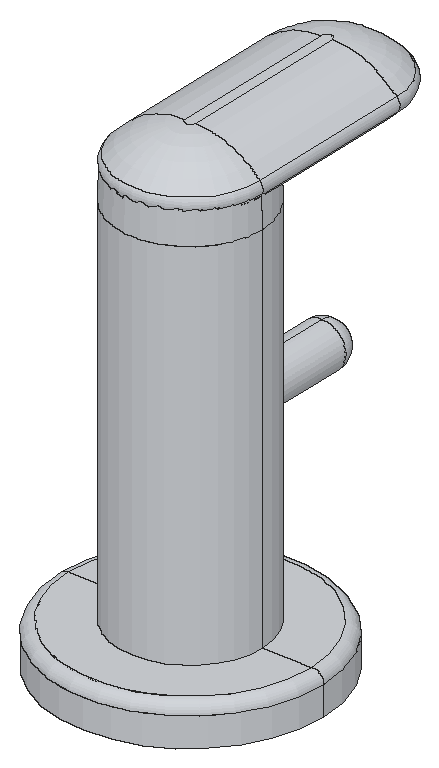
Revit family "Accessory-Robe_Hook-KOHLER-Kumin-K-97897", category Specialty Equipment, host Face, Revit 2017
Family settings
  Host = Face
  Round Connector Dimension = Use Diameter
  Part Type = Normal
  OmniClass Number = 23.31.25.00
  Cut with Voids When Loaded = No
  Shared = No
  Room Calculation Point = No
Parameters (values of type "CP-Polished Chrome")
  Width = 1 13/16"  # constant formula
  WaterSense Certified = 1 = 0  # no
  URL = "https://www.us.kohler.com/us/"
  Type = 1
  Product Page URL = "http://www.us.kohler.com/us/catalog/productDetails.jsp?productNumber=97897"
  Product Name = "Kumin"  # constant formula
  Product Documentation Link = "https://www.us.kohler.com/webassets/kpna/catalog/pdf/en/K-97897_spec.pdf"
  Model = if(Type = 1, "K-97897-CP", if(Type = 2, "K-97897-BN", if(Type = 3, "K-97897-BL", "NA")))  # "K-97897-CP"
  Material = "Premium Metal Construction"  # constant formula
  MasterFormat 2004 = "10.28.13"  # constant formula
  MasterFormat 1995 = "10820"  # constant formula
  Manufacturer Address = "444 Highland Dr, Kohler, WI 53044"  # constant formula
  Manufacturer = "KOHLER Co."  # constant formula
  Length = 3 5/16"  # constant formula
  Height = 2 9/16"  # constant formula
  Finish = Kohler-Metal-CP-Polished_Chrome
  Environmental Product Declaration = ""
  Description = "robe hook"  # constant formula
  Default Elevation = 42"
  Declare Label = ""
  Date Modified = "03/03/2020"  # constant formula
  Date Created = "03/03/2020"  # constant formula
  Copyright = "Copyright KOHLER Co."  # constant formula
  Contact Us = "https://www.us.kohler.com/us/static/contact.jsp"
  Assembly Code = "C1030200"
  ADA Compliant = 1 = 0  # no
Types (3): name | Type | Model | Finish
  CP-Polished Chrome | 1 | "K-97897-CP" | Kohler-Metal-CP-Polished_Chrome
  BN-Vibrant Brushed Nickel | 2 | "K-97897-BN" | Kohler-Metal-BN-Vibrant_Brushed_Nickel
  BL-Matte Black | 3 | "K-97897-BL" | Kohler-Metal-BL-Matte_Black
Reference planes (in)
  plane 1 "Center (Front/Back)": y = 0
  plane 2: z = 0
  plane 3 "Center (Left/Right)": x = 0
  plane 4: z = 3.3125
  plane 5: y = 0.90625
  plane 6: y = -0.90625
  plane 7: y = 1.65625
  plane 8: x = -0.90625
  plane 9: x = 0.90625
  plane 10: z = 1.45669
  plane 11: z = 0.27559
Dimensions and locks (in)
  plane 4 to level = 3 5/16"
  plane 7 to plane 6 = 2 9/16"
  "Length": plane 4 to level
  "Width": plane 8 to plane 9
  "Height": plane 6 to plane 7
  aligned and locked: plane 2 to host face
  aligned and locked: level to host face
  aligned and locked: plane 3 "Center (Left/Right)" to nested 1
  aligned and locked: plane 1 "Center (Front/Back)" to nested 1
Automatic sketch dimensions
  host sketch curve to host sketch curve = 96"  (x2)
Nested families (in)
  nested 1: "K-97897" at (0, 0, 0), type "K-97897"
Definition of nested family "K-97897"
  Parameters (values of type "K-97897")
    Material = none
  Reference planes (in)
    plane 1 "Center (Front/Back)": y = 0
    plane 2: z = 0
    plane 3 "Center (Left/Right)": x = 0
    plane 4: y = 0.90625
    plane 5: z = 3.3125
    plane 6: y = 1.65625
    plane 7: y = -0.90625
    plane 8: x = -0.90625
    plane 9: x = 0.90625
    plane 10: z = 0.27559
    plane 11: z = 1.45669
  Forms (in)
    Revolve 1, solid, material <- "Material", detail levels medium+fine
      sketch origin (0, 0, 0) x (1, 0, 0) y (0, 0, 1)
        loop
          line (-0.90625, 0) -> (0, 0) -> (0, 3.05731) -> (-0.48914, 3.05731)
          arc (-0.48914, 3.05731) -> (-0.49138, 2.94218) -> (-0.49213, 2.82703) r 8.88997
          line (-0.49213, 2.82703) -> (-0.49213, 0.27559) -> (-0.82862, 0.27559)
          arc (-0.82862, 0.27559) -> (-0.88351, 0.25285) -> (-0.90625, 0.19796) r 0.07763
          line (-0.90625, 0.19796) -> (-0.90625, 0)
        axis (0, 0) -> (0, 3.05731)
      angle from 0 to 360
    Extrusion 2, solid, material <- "Material", detail levels medium+fine
      sketch origin (0, 0, -0.02097) x (1, 0, 0) y (0, 0, 1)
        loop
          arc (-0.47336, 3.04042) -> (-0.27753, 2.89802) -> (-0.04069, 2.84764) r 0.5819
          line (-0.04069, 2.84764) -> (0.04069, 2.84764)
          arc (0.04069, 2.84764) -> (0.27753, 2.89802) -> (0.47336, 3.04042) r 0.5819
          arc (0.47336, 3.04042) -> (0.492, 3.08898) -> (0.47343, 3.13757) r 0.0727
          arc (0.47343, 3.13757) -> (0.27494, 3.28226) -> (0.03469, 3.33346) r 0.58925
          line (0.03469, 3.33346) -> (-0.03469, 3.33346)
          arc (-0.03469, 3.33346) -> (-0.27494, 3.28226) -> (-0.47343, 3.13757) r 0.58925
          arc (-0.47343, 3.13757) -> (-0.492, 3.08898) -> (-0.47336, 3.04042) r 0.0727
      from -1.16459 to 0
    Revolve 3, solid, material <- "Material", detail levels medium+fine
      sketch origin (0, 0, 0) x (0, 1, 0) y (0, 0, 1)
        loop
          line (0.33181, 1.45669) -> (1.27953, 1.45669)
          arc (1.27953, 1.45669) -> (1.2334, 1.56805) -> (1.12205, 1.61417) r 0.15748
          line (1.12205, 1.61417) -> (0.33181, 1.61417) -> (0.33181, 1.45669)
        axis (1.27953, 1.45669) -> (0.33181, 1.45669)
      angle from 360 to 0
    Revolve 4, solid, material <- "Material", detail levels coarse
      sketch origin (0, 0, 0) x (0, 1, 0) y (0, 0, 1)
        loop
          line (0, 0) -> (0.90625, 0) -> (0.90625, 0.29789) -> (0.49213, 0.29789) -> (0.49213, 2.93682) -> (0, 2.93682) -> (0, 0)
        axis (0, 2.93682) -> (0, 0)
      angle from -180 to 180
    Extrusion 5, solid, material <- "Material", detail levels coarse
      sketch origin (0, 0, 0) x (0, 1, 0) y (0, 0, 1)
        loop
          line (1.65625, 3.3125) -> (-0.49213, 3.3125) -> (-0.49213, 2.73691) -> (1.65625, 2.73691) -> (1.65625, 3.3125)
      from -0.49244 to 0.49244
    Sweep 6, solid, material <- "Material", detail levels medium+fine
      path origin (0, 0, 0) x (1, 0, 0) y (0, 1, 0)
        loop
          arc (0.49265, 1.16459) -> (0, 1.65724) -> (-0.49265, 1.16459) r 0.49265
      profile origin (0, 1.65724, 0) x (0, -1, 0) y (0, 0, 1)
        loop
          line (0.49069, 3.3125) -> (0.45796, 3.3125)
          arc (0.45796, 3.3125) -> (0.21772, 3.2613) -> (0.01922, 3.1166) r 0.58925
          arc (0.01922, 3.1166) -> (0.00065, 3.06802) -> (0.0193, 3.01946) r 0.0727
          arc (0.0193, 3.01946) -> (0.21513, 2.87705) -> (0.45196, 2.82667) r 0.5819
          line (0.45196, 2.82667) -> (0.49069, 2.82667) -> (0.49069, 3.3125)
    Sweep 7, solid, material <- "Material", detail levels medium+fine
      path origin (0, 1.16459, 0) x (1, 0, 0) y (0, -1, 0)
        loop
          arc (0.49265, 1.16459) -> (0, 1.65724) -> (-0.49265, 1.16459) r 0.49265
      profile origin (0, -0.49265, 0) x (0, -1, 0) y (0, 0, 1)
        loop
          line (-0.49069, 3.3125) -> (-0.49069, 2.82667) -> (-0.45196, 2.82667)
          arc (-0.45196, 2.82667) -> (-0.21513, 2.87705) -> (-0.0193, 3.01946) r 0.5819
          arc (-0.0193, 3.01946) -> (-0.00065, 3.06802) -> (-0.01922, 3.1166) r 0.0727
          arc (-0.01922, 3.1166) -> (-0.21772, 3.2613) -> (-0.45796, 3.3125) r 0.58925
          line (-0.45796, 3.3125) -> (-0.49069, 3.3125)
    Extrusion 8, solid, material <- "Material", detail levels coarse
      sketch origin (0, 0, 0) x (1, 0, 0) y (0, 0, 1)
        loop
          circle (0, 1.45669) r 0.15748
      from -1.27943 to -0.40041
  Cuts and joins
    joined: Revolve 1, Revolve 3
    joined: Revolve 4, Extrusion 5, Extrusion 8
    joined: Extrusion 2, Sweep 6, Sweep 7
  Lines and regions (in)
    Masking region 1
      outline origin (0, 0, 0) x (1, 0, 0) y (0, 0, 1)
        loop
          line (-0.90625, 0) -> (0.90625, 0) -> (0.90625, 0.19868)
          arc (0.90625, 0.19868) -> (0.88372, 0.25306) -> (0.82934, 0.27559) r 0.07691
          line (0.82934, 0.27559) -> (0.49213, 0.27559) -> (0.49213, 3.05731)
          arc (0.49213, 3.05731) -> (0.49007, 3.08436) -> (0.47782, 3.10857) r 0.06961
          arc (0.47782, 3.10857) -> (0.44151, 3.14336) -> (0.40311, 3.17584) r 0.811
          arc (0.40311, 3.17584) -> (0.33989, 3.21913) -> (0.27193, 3.25453) r 0.63775
          arc (0.27193, 3.25453) -> (0.13902, 3.29784) -> (0, 3.3125) r 0.66677
          arc (0, 3.3125) -> (-0.13902, 3.29784) -> (-0.27193, 3.25453) r 0.66677
          arc (-0.27193, 3.25453) -> (-0.33989, 3.21913) -> (-0.40311, 3.17584) r 0.63775
          arc (-0.40311, 3.17584) -> (-0.44151, 3.14336) -> (-0.47782, 3.10857) r 0.811
          arc (-0.47782, 3.10857) -> (-0.49007, 3.08436) -> (-0.49213, 3.05731) r 0.06961
          line (-0.49213, 3.05731) -> (-0.49213, 0.27559) -> (-0.82934, 0.27559)
          arc (-0.82934, 0.27559) -> (-0.88372, 0.25306) -> (-0.90625, 0.19868) r 0.07691
          line (-0.90625, 0.19868) -> (-0.90625, 0)
    Masking region 2
      outline origin (0, 0, 0) x (1, 0, 0) y (0, 1, 0)
        loop
          arc (-0.49244, 0.76079) -> (0, -0.90625) -> (0.49244, 0.76079) r 0.90625
          line (0.49244, 0.76079) -> (0.49244, 1.16381)
          arc (0.49244, 1.16381) -> (0.3488, 1.51262) -> (0, 1.65625) r 0.4904
          arc (0, 1.65625) -> (-0.3488, 1.51262) -> (-0.49244, 1.16381) r 0.4904
          line (-0.49244, 1.16381) -> (-0.49244, 0.76079)
    Masking region 3
      outline origin (0, 0, 0) x (0, 1, 0) y (0, 0, 1)
        loop
          line (1.17114, 3.3125) -> (-0.00217, 3.3125)
          arc (-0.00217, 3.3125) -> (-0.26433, 3.25758) -> (-0.48242, 3.10207) r 0.65325
          arc (-0.48242, 3.10207) -> (-0.48964, 3.0879) -> (-0.49213, 3.0722) r 0.05082
          line (-0.49213, 3.0722) -> (-0.49213, 0.27559) -> (-0.82895, 0.27559)
          arc (-0.82895, 0.27559) -> (-0.88361, 0.25295) -> (-0.90625, 0.19829) r 0.0773
          line (-0.90625, 0.19829) -> (-0.90625, 0) -> (0, 0) -> (0.90625, 0) -> (0.90625, 0.19829)
          arc (0.90625, 0.19829) -> (0.88361, 0.25295) -> (0.82895, 0.27559) r 0.0773
          line (0.82895, 0.27559) -> (0.49213, 0.27559) -> (0.49213, 1.29921) -> (1.12205, 1.29921)
          arc (1.12205, 1.29921) -> (1.27953, 1.45669) -> (1.12205, 1.61417) r 0.15748
          line (1.12205, 1.61417) -> (0.49213, 1.61417) -> (0.49213, 2.47114)
          arc (0.49213, 2.47114) -> (0.50485, 2.58197) -> (0.54236, 2.68703) r 0.48908
          arc (0.54236, 2.68703) -> (0.63456, 2.78891) -> (0.76668, 2.82667) r 0.25
          line (0.76668, 2.82667) -> (1.18353, 2.82667)
          arc (1.18353, 2.82667) -> (1.34546, 2.85285) -> (1.4968, 2.91609) r 0.69815
          arc (1.4968, 2.91609) -> (1.57205, 2.9663) -> (1.63898, 3.02717) r 0.60488
          arc (1.63898, 3.02717) -> (1.65652, 3.06993) -> (1.63885, 3.11264) r 0.06065
          arc (1.63885, 3.11264) -> (1.59981, 3.14916) -> (1.55829, 3.18285) r 0.75787
          arc (1.55829, 3.18285) -> (1.37528, 3.27923) -> (1.17114, 3.3125) r 0.64285
    symbolic lines, detail levels medium+fine
      curve 1: line (-0.4909, 0, 3.05731) -> (0.49103, 0, 3.05731)
      curve 2: line (-0.49213, 0, 0.27559) -> (0.49213, 0, 0.27559)
      curve 3: arc (0, 0, 1.61417) -> (-0.15748, 0, 1.45669) -> (0, 0, 1.29921) r 0.15748
      curve 4: arc (0, 0, 1.29921) -> (0.15748, 0, 1.45669) -> (0, 0, 1.61417) r 0.15748
      curve 5: line (-0.49244, 0.76079, 0) -> (-0.49244, 0, 0)
      curve 6: arc (-0.49244, 0, 0) -> (0, -0.49244, 0) -> (0.49244, 0, 0) r 0.49244
      curve 7: line (0.49244, 0.76079, 0) -> (0.49244, 0, 0)
      curve 8: line (0, 1.65673, 3.05731) -> (0, -0.49207, 3.05731)
      curve 9: line (0, 0.49213, 0.27559) -> (0, -0.49213, 0.27559)
      curve 10: arc (0, 0.49213, 1.61417) -> (0, 0.46301, 1.45669) -> (0, 0.49213, 1.29921) r 0.44039
      curve 11: arc (-0.49207, 0, 3.06463) -> (-0.4893, 0, 3.04718) -> (-0.47968, 0, 3.03235) r 0.04257
      curve 12: arc (-0.47968, 0, 3.03235) -> (-0.41139, 0, 2.96998) -> (-0.33504, 0, 2.91781) r 0.65793
      curve 13: arc (-0.33504, 0, 2.91781) -> (-0.17356, 0, 2.85003) -> (0, 0, 2.82667) r 0.66636
      curve 14: arc (0.49207, 0, 3.06463) -> (0.4893, 0, 3.04718) -> (0.47968, 0, 3.03235) r 0.04257
      curve 15: arc (0.47968, 0, 3.03235) -> (0.41139, 0, 2.96998) -> (0.33504, 0, 2.91781) r 0.65793
      curve 16: arc (0.33504, 0, 2.91781) -> (0.17356, 0, 2.85003) -> (0, 0, 2.82667) r 0.66636
  Dimensions and locks (in)
    plane 4 to plane 1 "Center (Front/Back)" = 29/32"
    plane 5 to level = 3 5/16"
    plane 6 to plane 7 = 2 9/16"
    plane 3 "Center (Left/Right)" to plane 8 = 29/32"
    aligned and locked: plane 2 to level
